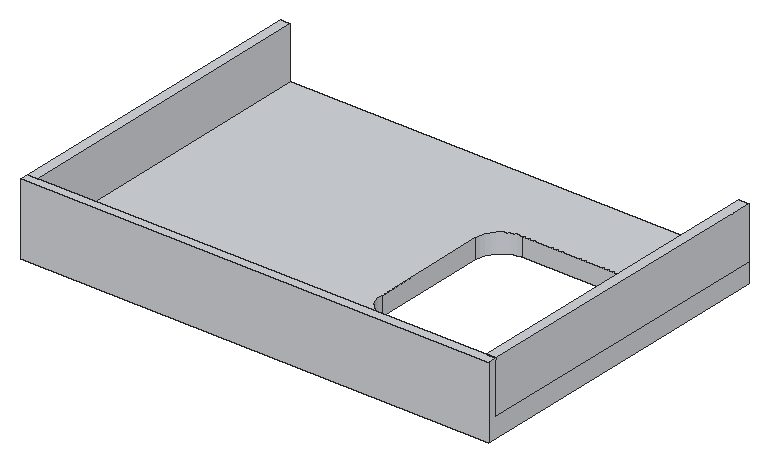
Revit family "Bathroom Countertop Sink - Rec", category Generic Models, Revit 2019
Family settings
  Can host rebar = No
  Round Connector Dimension = Use Diameter
  Part Type = Normal
  Work Plane-Based = No
  Always vertical = Yes
  Cut with Voids When Loaded = No
  Shared = No
  Room Calculation Point = No
Parameters (values of type "Generic")
  Width [instance] = 3' - 0"
  V_Width = 1' - 2 3/8"
  V_Distance = 1' - 9 3/8"
  V_Depth = 1' - 1"
  Right Backsplash [instance] = yes
  Left Backsplash [instance] = yes
  Height = 0' - 1 1/2"
  Depth [instance] = 2' - 1"
Types (2): name | V_Width | V_Distance | V_Depth
  Generic | 1' - 2 3/8" | 1' - 9 3/8" | 1' - 1"
  Generic ADA | 1' - 3" | 0' - 10.5197" | 0' - 10.27635"
Reference planes (in)
  plane 1 "Center (Front/Back)": y = 0
  plane 2: z = 0
  plane 3 "Center (Left/Right)": x = 0
Forms (in)
  Extrusion 1, solid
    sketch origin (0, 0, 0) x (1, 0, 0) y (0, 1, 0)
      loop
        line (-18, 12.5) -> (-18, -12.5) -> (18, -12.5) -> (18, 12.5) -> (-18, 12.5)
    from 0 to 1.5
  Extrusion 2, solid
    sketch origin (0, 0, 0) x (0, 1, 0) y (0, 0, 1)
      loop
        line (-12.5, 1.5) -> (-11.75, 1.5) -> (-11.75, 5.5) -> (-12.5, 5.5) -> (-12.5, 1.5)
    from -18 to 18
  Extrusion 3, solid, visible <- "Left Backsplash"
    sketch origin (0, 0, 0) x (1, 0, 0) y (0, 1, 0)
      loop
        line (-18, 12.5) -> (-18, -11.75) -> (-17.25, -11.75) -> (-17.25, 12.5) -> (-18, 12.5)
    from 1.5 to 5.5
  Extrusion 4, solid, visible <- "Right Backsplash"
    sketch origin (34, 0, 0) x (1, 0, 0) y (0, 1, 0)
      loop
        line (-16.75, 12.5) -> (-16.75, -11.75) -> (-16, -11.75) -> (-16, 12.5) -> (-16.75, 12.5)
    from 1.5 to 5.5
  Extrusion 5, void
    sketch origin (0, 0, 0) x (1, 0, 0) y (0, 1, 0)
      loop
        arc (5.375, 6.5) -> (3.96079, 5.91421) -> (3.375, 4.5) r 2
        line (3.375, 4.5) -> (3.375, -4.5)
        arc (3.375, -4.5) -> (3.96079, -5.91421) -> (5.375, -6.5) r 2
        line (5.375, -6.5) -> (15.75, -6.5)
        arc (15.75, -6.5) -> (17.16421, -5.91421) -> (17.75, -4.5) r 2
        line (17.75, -4.5) -> (17.75, 4.5)
        arc (17.75, 4.5) -> (17.16421, 5.91421) -> (15.75, 6.5) r 2
        line (15.75, 6.5) -> (5.375, 6.5)
    from 0 to 1.5
Cuts and joins
  Extrusion 5 cuts Extrusion 1
  Extrusion 5 cuts Extrusion 2
  joined: Extrusion 1, Extrusion 2
Dimensions and locks (in)
  equal spacing: Extrusion 1 sketch curve, plane 3 "Center (Left/Right)", Extrusion 1 sketch curve
  equal spacing: Extrusion 1 sketch curve, plane 1 "Center (Front/Back)", Extrusion 1 sketch curve
  "Width": Extrusion 1 sketch curve to Extrusion 1 sketch curve
  "Depth": Extrusion 1 sketch curve to Extrusion 1 sketch curve
  "Height": Extrusion 1 to plane 2
  locked: Extrusion 1 to Extrusion 2 sketch curve at 4
  locked: Extrusion 2 sketch curve to Extrusion 2 sketch curve at 0.75
  locked: cut or joined group of Extrusion 1, Extrusion 2, Extrusion 5 to Extrusion 3 sketch curve at 0.75
  locked: Extrusion 4 sketch curve to cut or joined group of Extrusion 1, Extrusion 2, Extrusion 5 at 0.75
  "V_Distance": Extrusion 3 to Extrusion 5 sketch curve
  "V_Width": Extrusion 5 sketch curve to Extrusion 5 sketch curve
  equal spacing: Extrusion 5 sketch curve, plane 1 "Center (Front/Back)", Extrusion 5 sketch curve
  "V_Depth": Extrusion 5 sketch curve to Extrusion 5 sketch curve
  aligned and locked: plane 2 to level
  aligned and locked: Extrusion 2 sketch curve to Extrusion 1  (x2)
  aligned and locked: Extrusion 1 to Extrusion 2
  aligned and locked: Extrusion 2 to Extrusion 1
  aligned and locked: Extrusion 3 to cut or joined group of Extrusion 1, Extrusion 2, Extrusion 5  (x3)
  aligned and locked: cut or joined group of Extrusion 1, Extrusion 2, Extrusion 5 to Extrusion 4
  aligned and locked: Extrusion 4 to cut or joined group of Extrusion 1, Extrusion 2, Extrusion 5  (x3)
  aligned and locked: Extrusion 1 to Extrusion 5
Automatic sketch dimensions
  Extrusion 3 sketch curve to Extrusion 3 sketch curve = 0' - 0 3/4"
  plane 1 "Center (Front/Back)" to Extrusion 3 sketch curve = 0' - 11 3/4"
  Extrusion 3 sketch curve to plane 1 "Center (Front/Back)" = 1' - 0 1/2"
  Extrusion 4 sketch curve to Extrusion 4 sketch curve = 0' - 0 3/4"
  plane 1 "Center (Front/Back)" to Extrusion 4 sketch curve = 0' - 11 3/4"
  Extrusion 4 sketch curve to plane 1 "Center (Front/Back)" = 1' - 0 1/2"
  Extrusion 5 sketch curve to Extrusion 5 sketch curve = 0' - 2"  (x4)
